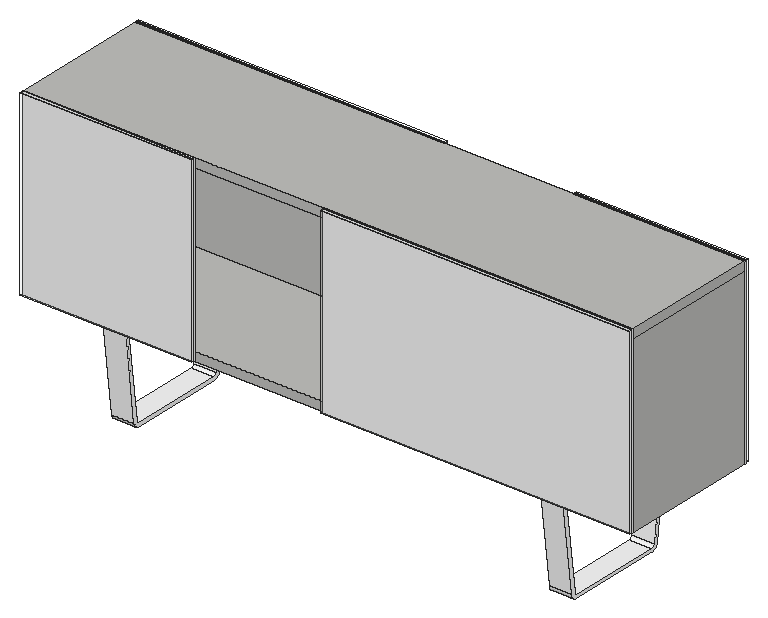
Revit family "Storage-Mounted-Teknion-JNMSO-Elevated_Slim_Cabinet_Open-R2015", category Furniture, Revit 2015
Parameters (values of type "Magnetic Glass")
  Width [instance] = 48.000"
  Warranty = "http://www.teknion.com/ca/papers/legal-canada"
  Unit Weight URL = "http://www.teknion.com/ca/tools/assets#&asset=bee6a381-b954-425e-8283-5a2de3a804f2,f828d448-4b62-4231-9e5f-9a8991c0ed77"
  URL = "www.teknion.com"
  Sustainability Data = "http://www.teknion.com/ca/tools/assets#&topic=216f99a5-57a0-44fc-b10a-9dee9b29ae4c&asset=444deb64-fe58-4b68-981e-f75e97781df7"
  Support Frame Finish [instance] = Mica - Teknion - V - Satin - Very White
  Series = "Expansion Cityline"  # constant formula
  Product Page URL = "http://www.teknion.com/ca/products/product-details?productlineid=9ad2a26e-8e7a-673b-a6c8-ff05004460c4"
  Product Line = "Expansion Cityline"  # constant formula
  Product Documentation Link = "http://www.teknion.com/pricing/expansion-cityline/pdfs/JNMSO_ppg.pdf"
  Part Number = "JNMSO"  # constant formula
  Note [instance] = "Available Widths are range from 48 to 84 inches in 6 inch increments."  # constant formula
  Model = "JNMSOMA2211"
  Manufacturer Phone = "416-661-3370"  # constant formula
  Manufacturer Fax = "416.661.4586"  # constant formula
  Manufacturer Contact Information = "http://www.teknion.com/ca/contactus"
  Manufacturer Address = "1150 Flint Road, Toronto, ON. M3J 2J5. Canada"  # constant formula
  Manufacturer = "Teknion"  # constant formula
  Height = 50.830"
  Fascia Finish [instance] = Back-painted Glass - K7 - Teknion - Very White
  Description = "Elevated Slim Cabinet - Open"  # constant formula
  Depth = 11.000"
  Case Finish [instance] = Source Laminate - Teknion - RV - Very White
  Assembly Code = "E2020200"
Reference planes (in)
  plane 1 "Center Front/Back": y = 0
  plane 2: z = 0
  plane 3 "Center Left/Right": x = 0
  plane 4 "Left": x = -24
  plane 5 "Right": x = 24
  plane 6 "Back": y = 5.5
  plane 7 "Front": y = -5.5
  plane 8 "Top": z = 50.83
  plane 9: x = -23.29921
  plane 10: y = 4.79921
  plane 11: x = -0.35039
  plane 12: x = 0.35039
  plane 13: x = 23.29921
  plane 14: y = -4.79921
  plane 15: z = 37.17079
  plane 16: z = 36.47
  plane 17: x = 18.13583
  plane 18: x = 16.36417
  plane 19: x = -18.13583
  plane 20: x = -16.36417
  plane 21: z = 50.12921
  plane 22: y = -5.85433
  plane 23: y = 5.85433
  plane 24: y = -5.6378
  plane 25: y = 5.6378
Forms (in)
  Extrusion 1, solid, material "Source Laminate - Teknion - RV - Very White" <- "Case Finish"
    sketch origin (0, 0, 0) x (1, 0, 0) y (0, 1, 0)
      loop
        line (-0.35039, -5.5) -> (24, -5.5) -> (24, 5.5) -> (23.29921, 5.5) -> (23.29921, -4.79921) -> (0.35039, -4.79921) -> (0.35039, 5.5) -> (-24, 5.5) -> (-24, -5.5) -> (-23.29921, -5.5) -> (-23.29921, 4.79921) -> (-0.35039, 4.79921) -> (-0.35039, -5.5)
    from 36.47 to 50.12921
  Extrusion 2, solid, material "Source Laminate - Teknion - RV - Very White" <- "Case Finish"
    sketch origin (0, 0, 0) x (1, 0, 0) y (0, 1, 0)
      loop
        line (-23.29921, 4.79921) -> (-23.29921, -5.5) -> (-0.35039, -5.5) -> (-0.35039, 4.79921) -> (-23.29921, 4.79921)
    from 36.47 to 37.17079
  Extrusion 3, solid, material "Source Laminate - Teknion - RV - Very White" <- "Case Finish"
    sketch origin (0, 0, 0) x (1, 0, 0) y (0, 1, 0)
      loop
        line (0.35039, 5.5) -> (0.35039, -4.79921) -> (23.29921, -4.79921) -> (23.29921, 5.5) -> (0.35039, 5.5)
    from 36.47 to 37.17079
  Extrusion 4, solid, material "Mica - Teknion - V - Satin - Very White" <- "Support Frame Finish"
    sketch origin (0, 0, 0) x (0, 1, 0) y (0, 0, 1)
      loop
        line (5.05109, 36.47) -> (-5.05109, 36.47) -> (-4.18631, 29.42697)
        arc (-4.18631, 29.42697) -> (-4.0259, 29.12206) -> (-3.70372, 29) r 0.48622
        line (-3.70372, 29) -> (3.70372, 29)
        arc (3.70372, 29) -> (4.0259, 29.12206) -> (4.18631, 29.42697) r 0.48622
        line (4.18631, 29.42697) -> (5.05109, 36.47)
      loop
        line (3.93966, 29.46953) -> (4.78471, 36.35189) -> (-4.78471, 36.35189) -> (-3.93966, 29.46953)
        arc (-3.93966, 29.46953) -> (-3.85718, 29.31276) -> (-3.69153, 29.25) r 0.25
        line (-3.69153, 29.25) -> (3.69153, 29.25)
        arc (3.69153, 29.25) -> (3.85718, 29.31276) -> (3.93966, 29.46953) r 0.25
    from 16.36417 to 18.13583
  Extrusion 5, solid, material "Mica - Teknion - V - Satin - Very White" <- "Support Frame Finish"
    sketch origin (0, 0, 0) x (0, 1, 0) y (0, 0, -1)
      loop
        line (5.05109, -36.47) -> (4.18631, -29.42697)
        arc (4.18631, -29.42697) -> (4.0259, -29.12207) -> (3.70372, -29) r 0.48622
        line (3.70372, -29) -> (-3.70372, -29)
        arc (-3.70372, -29) -> (-4.0259, -29.12207) -> (-4.18631, -29.42697) r 0.48622
        line (-4.18631, -29.42697) -> (-5.05109, -36.47) -> (5.05109, -36.47)
      loop
        arc (3.93966, -29.46954) -> (3.85718, -29.31276) -> (3.69153, -29.25) r 0.25
        line (3.69153, -29.25) -> (-3.69153, -29.25)
        arc (-3.69153, -29.25) -> (-3.85718, -29.31276) -> (-3.93966, -29.46954) r 0.25
        line (-3.93966, -29.46954) -> (-4.78471, -36.35189) -> (4.78471, -36.35189) -> (3.93966, -29.46954)
    from 16.36417 to 18.13583
  Extrusion 6, solid, material "Source Laminate - Teknion - RV - Very White" <- "Case Finish"
    sketch origin (0, 0, 50.83) x (-1, 0, 0) y (0, -1, 0)
      loop
        line (24, -5.5) -> (24, 5.5) -> (-24, 5.5) -> (-24, -5.5) -> (24, -5.5)
    from -0.70079 to 0
  Extrusion 7, solid, material "Back-painted Glass - K7 - Teknion - Very White" <- "Fascia Finish"
    sketch origin (0, 0, 0) x (1, 0, 0) y (0, 0, 1)
      loop
        line (-24, 50.83) -> (-24, 36.47) -> (-10.5, 36.47) -> (-10.5, 50.83) -> (-24, 50.83)
    from 5.6378 to 5.85433
  Extrusion 8, solid, material "Back-painted Glass - K7 - Teknion - Very White" <- "Fascia Finish"
    sketch origin (34.5, 0, 0) x (1, 0, 0) y (0, 0, 1)
      loop
        line (-34.85039, 50.83) -> (-34.85039, 36.47) -> (-10.5, 36.47) -> (-10.5, 50.83) -> (-34.85039, 50.83)
    from 5.6378 to 5.85433
  Extrusion 9, solid, material "Back-painted Glass - K7 - Teknion - Very White" <- "Fascia Finish"
    sketch origin (0, 5.5, 0) x (-1, 0, 0) y (0, 0, 1)
      loop
        line (-24, 36.47) -> (-10.5, 36.47) -> (-10.5, 50.83) -> (-24, 50.83) -> (-24, 36.47)
    from 0.1378 to 0.35433
  Extrusion 10, solid, material "Back-painted Glass - K7 - Teknion - Very White" <- "Fascia Finish"
    sketch origin (0, 5.5, 0) x (-1, 0, 0) y (0, 0, 1)
      loop
        line (-0.35039, 36.47) -> (24, 36.47) -> (24, 50.83) -> (-0.35039, 50.83) -> (-0.35039, 36.47)
    from 0.1378 to 0.35433
  Extrusion 11, solid, material "Paint-Teknion-White"
    sketch origin (0, 0.21654, 0) x (1, 0, 0) y (0, 0, 1)
      loop
        line (-24, 50.83) -> (-24, 36.47) -> (-10.5, 36.47) -> (-10.5, 50.83) -> (-24, 50.83)
    from 5.71654 to 5.85433
  Extrusion 12, solid, material "Paint-Teknion-White"
    sketch origin (34.5, 0.21654, 0) x (1, 0, 0) y (0, 0, 1)
      loop
        line (-34.85039, 50.83) -> (-34.85039, 36.47) -> (-10.5, 36.47) -> (-10.5, 50.83) -> (-34.85039, 50.83)
    from 5.71654 to 5.85433
  Extrusion 13, solid, material "Paint-Teknion-White"
    sketch origin (0, 5.03346, 0) x (-1, 0, 0) y (0, 0, 1)
      loop
        line (-0.35039, 36.47) -> (24, 36.47) -> (24, 50.83) -> (-0.35039, 50.83) -> (-0.35039, 36.47)
    from 0.46654 to 0.60433
  Extrusion 14, solid, material "Paint-Teknion-White"
    sketch origin (0, 5.03346, 0) x (-1, 0, 0) y (0, 0, 1)
      loop
        line (-24, 36.47) -> (-10.5, 36.47) -> (-10.5, 50.83) -> (-24, 50.83) -> (-24, 36.47)
    from 0.46654 to 0.60433
Lines and regions (in)
  Masking region 1
    outline origin (0, 0, 50.83) x (-1, 0, 0) y (0, -1, 0)
      loop
        line (24, -5.5) -> (24, 5.5) -> (-24, 5.5) -> (-24, -5.5) -> (24, -5.5)
  Masking region 2
    outline origin (0, 0, 50.83) x (-1, 0, 0) y (0, -1, 0)
      loop
        line (10.5, 5.60668) -> (10.5, 5.5) -> (24, 5.5) -> (24, 5.6378) -> (24, 5.85433) -> (10.5, 5.85433) -> (10.5, 5.60668)
  Masking region 3
    outline origin (0, 0, 50.83) x (-1, 0, 0) y (0, -1, 0)
      loop
        line (0.35039, 5.5) -> (0.35039, 5.85433) -> (-24, 5.85433) -> (-24, 5.5) -> (0.35039, 5.5)
  Masking region 4
    outline origin (0, 0, 50.83) x (-1, 0, 0) y (0, -1, 0)
      loop
        line (-10.5, -5.85433) -> (-10.5, -5.6285) -> (-10.5, -5.5) -> (-24, -5.5) -> (-24, -5.85433) -> (-10.5, -5.85433)
  Masking region 5
    outline origin (0, 0, 50.83) x (-1, 0, 0) y (0, -1, 0)
      loop
        line (-0.35039, -5.85433) -> (24, -5.85433) -> (24, -5.5) -> (-0.35039, -5.5) -> (-0.35039, -5.85433)
  symbolic lines, style "FurnitureHiddenLines", detail levels fine
    curve 1: line (-23.29921, -5.5, 50.83) -> (-23.29921, 4.79921, 50.83)
    curve 2: line (-23.29921, 4.79921, 50.83) -> (-0.35039, 4.79921, 50.83)
    curve 3: line (-0.35039, 4.79921, 50.83) -> (-0.35039, -5.5, 50.83)
    curve 4: line (0.35039, -4.79921, 50.83) -> (0.35039, 5.5, 50.83)
    curve 5: line (23.29921, -4.79921, 50.83) -> (0.35039, -4.79921, 50.83)
    curve 6: line (23.29921, 5.5, 50.83) -> (23.29921, -4.79921, 50.83)
  symbolic lines, style "FurnitureHiddenLines", detail levels medium+fine
    curve 7: line (-16.36417, -5.05109, 50.83) -> (-16.36417, 5.05109, 50.83)
    curve 8: line (-16.36417, 5.05109, 50.83) -> (-18.13583, 5.05109, 50.83)
    curve 9: line (-18.13583, 5.05109, 50.83) -> (-18.13583, -5.05109, 50.83)
    curve 10: line (-18.13583, -5.05109, 50.83) -> (-16.36417, -5.05109, 50.83)
    curve 11: line (16.36417, 5.05109, 50.83) -> (16.36417, -5.05109, 50.83)
    curve 12: line (16.36417, -5.05109, 50.83) -> (18.13583, -5.05109, 50.83)
    curve 13: line (18.13583, -5.05109, 50.83) -> (18.13583, 5.05109, 50.83)
    curve 14: line (18.13583, 5.05109, 50.83) -> (16.36417, 5.05109, 50.83)
  reference lines, not visible
    curve 15: line (-24, 5.85433, 0) -> (-24, -5.85433, 0)
    curve 16: line (-24, 5.85433, 0) -> (24, 5.85433, 0)
    curve 17: line (24, 5.85433, 0) -> (24, -5.85433, 0)
    curve 18: line (-24, -5.85433, 0) -> (24, -5.85433, 0)
Dimensions and locks (in)
  "Width": plane 4 "Left" to plane 5 "Right"
  "Depth": plane 6 "Back" to plane 7 "Front"
  "Height": plane 8 "Top" to level
  equal spacing: plane 4 "Left", plane 3 "Center Left/Right", plane 5 "Right"
  equal spacing: plane 6 "Back", plane 1 "Center Front/Back", plane 7 "Front"
  locked: plane 7 "Front" to plane 14 at 0.70079
  plane 11 to plane 3 "Center Left/Right" to plane 12 = 0.35039" locked, 0.35039" locked
  locked: plane 4 "Left" to plane 9 at 0.70079
  locked: plane 13 to plane 5 "Right" at 0.70079
  locked: plane 6 "Back" to plane 10 at 0.70079
  plane 8 "Top" to plane 15 to plane 16 = 13.65921" locked, 0.70079" locked
  plane 16 to Extrusion 4 sketch curve to Extrusion 4 sketch curve to Extrusion 4 sketch curve = 0.11811" locked, 7.10189" locked, 0.250" locked
  plane 16 to Extrusion 4 sketch curve to Extrusion 4 sketch curve to Extrusion 4 sketch curve to Extrusion 4 sketch curve = 6.970" locked, 0.000", 0.01378", 0.000" locked
  locked: Extrusion 4 sketch curve to Extrusion 4 sketch curve at 0.25  (x2)
  plane 18 to plane 17 to plane 5 "Right" = 1.77165" locked, 5.86417" locked
  Extrusion 5 sketch curve to Extrusion 5 sketch curve to Extrusion 5 sketch curve = 0.250" locked, 7.10189" locked
  Extrusion 5 sketch curve to Extrusion 5 sketch curve to Extrusion 5 sketch curve to Extrusion 5 sketch curve = 0.000" locked, 0.01378", 0.000"
  locked: Extrusion 5 sketch curve to Extrusion 5 sketch curve at 0.25  (x2)
  plane 20 to plane 19 to plane 4 "Left" = 1.77165" locked, 5.86417" locked
  plane 6 "Back" to Extrusion 5 sketch curve to Extrusion 5 sketch curve = 1.79628" locked, 0.01219" locked
  locked: plane 16 to Extrusion 5 sketch curve at 0.11811
  Extrusion 5 sketch curve to Extrusion 5 sketch curve to plane 7 "Front" = 0.01219" locked, 1.79628" locked
  locked: plane 8 "Top" to plane 21 at 0.70079
  locked: plane 22 to plane 7 "Front" at 0.35433
  locked: plane 23 to plane 6 "Back" at 0.35433
  locked: Extrusion 7 sketch curve to plane 4 "Left" at 13.5
  locked: Extrusion 9 sketch curve to plane 5 "Right" at 13.5
  locked: plane 24 to plane 22 at 0.21654
  locked: Extrusion 11 sketch curve to plane 4 "Left" at 13.5
  locked: plane 23 to plane 25 at 0.21654
  locked: Extrusion 14 sketch curve to plane 5 "Right" at 13.5
  aligned and locked: level to plane 2
  aligned and locked: plane 7 "Front" to Extrusion 1 sketch curve
  aligned and locked: Extrusion 1 sketch curve to plane 9
  aligned and locked: Extrusion 1 sketch curve to plane 4 "Left"
  aligned and locked: Extrusion 1 sketch curve to plane 10
  aligned and locked: Extrusion 1 sketch curve to plane 6 "Back"  (x2)
  aligned and locked: Extrusion 1 sketch curve to plane 12
  aligned and locked: Extrusion 1 sketch curve to plane 11
  aligned and locked: Extrusion 1 sketch curve to plane 14
  aligned and locked: Extrusion 1 sketch curve to plane 13
  aligned and locked: plane 5 "Right" to Extrusion 1 sketch curve
  aligned and locked: Extrusion 1 sketch curve to plane 7 "Front"
  aligned and locked: Extrusion 2 sketch curve to plane 9
  aligned and locked: Extrusion 2 sketch curve to plane 10
  aligned and locked: plane 7 "Front" to Extrusion 2 sketch curve
  aligned and locked: Extrusion 2 sketch curve to plane 11
  aligned and locked: Extrusion 3 sketch curve to plane 12
  aligned and locked: Extrusion 3 sketch curve to plane 6 "Back"
  aligned and locked: Extrusion 3 sketch curve to plane 13
  aligned and locked: Extrusion 3 sketch curve to plane 14
  aligned and locked: plane 15 to Extrusion 2
  aligned and locked: Extrusion 2 to plane 15
  aligned and locked: plane 15 to Extrusion 3
  aligned and locked: Extrusion 2 to plane 16
  aligned and locked: Extrusion 3 to plane 16
  aligned and locked: plane 16 to Extrusion 4 sketch curve
  aligned and locked: plane 17 to Extrusion 4
  aligned and locked: Extrusion 4 to plane 18
  aligned and locked: Extrusion 5 to plane 19
  aligned and locked: plane 20 to Extrusion 5
  aligned and locked: Extrusion 6 sketch curve to plane 4 "Left"
  aligned and locked: Extrusion 6 sketch curve to plane 6 "Back"
  aligned and locked: plane 5 "Right" to Extrusion 6 sketch curve
  aligned and locked: Extrusion 6 sketch curve to plane 7 "Front"
  aligned and locked: Extrusion 6 to plane 21
  aligned and locked: plane 8 "Top" to Extrusion 6
  aligned and locked: Extrusion 7 sketch curve to plane 4 "Left"
  aligned and locked: Extrusion 7 sketch curve to plane 8 "Top"
  aligned and locked: Extrusion 7 sketch curve to plane 16
  aligned and locked: Extrusion 7 to plane 22
  aligned and locked: Extrusion 8 sketch curve to plane 11
  aligned and locked: Extrusion 8 sketch curve to plane 8 "Top"
  aligned and locked: Extrusion 8 sketch curve to plane 16
  aligned and locked: plane 5 "Right" to Extrusion 9 sketch curve
  aligned and locked: Extrusion 9 sketch curve to plane 8 "Top"
  aligned and locked: Extrusion 9 sketch curve to plane 16
  aligned and locked: plane 23 to Extrusion 9
  aligned and locked: Extrusion 9 to plane 5 "Right"
  aligned and locked: Extrusion 10 sketch curve to plane 12
  aligned and locked: Extrusion 10 sketch curve to plane 8 "Top"
  aligned and locked: Extrusion 10 sketch curve to plane 4 "Left"
  aligned and locked: Extrusion 10 sketch curve to plane 16
  aligned and locked: plane 23 to Extrusion 10
  aligned and locked: plane 5 "Right" to Extrusion 8 sketch curve
  aligned and locked: Extrusion 8 to plane 22
  aligned and locked: plane 22 to Extrusion 7
  aligned and locked: Extrusion 8 to plane 11
  aligned and locked: Extrusion 8 to plane 5 "Right"
  aligned and locked: Extrusion 7 to plane 4 "Left"
  aligned and locked: plane 24 to Extrusion 7
  aligned and locked: Extrusion 11 to plane 7 "Front"
  aligned and locked: Extrusion 11 to plane 24
  aligned and locked: Extrusion 11 sketch curve to plane 4 "Left"
  aligned and locked: Extrusion 11 sketch curve to plane 8 "Top"
  aligned and locked: Extrusion 11 sketch curve to plane 16
  aligned and locked: plane 24 to Extrusion 8
  aligned and locked: Extrusion 12 to plane 24
  aligned and locked: Extrusion 12 to plane 7 "Front"
  aligned and locked: Extrusion 12 sketch curve to plane 11
  aligned and locked: Extrusion 12 sketch curve to plane 8 "Top"
  aligned and locked: plane 5 "Right" to Extrusion 12 sketch curve
  aligned and locked: Extrusion 12 sketch curve to plane 16
  aligned and locked: Extrusion 13 to plane 25
  aligned and locked: Extrusion 13 to plane 6 "Back"
  aligned and locked: plane 25 to Extrusion 10
  aligned and locked: Extrusion 13 to plane 4 "Left"
  aligned and locked: plane 12 to Extrusion 13
  aligned and locked: Extrusion 13 sketch curve to plane 4 "Left"
  aligned and locked: Extrusion 13 sketch curve to plane 8 "Top"
  aligned and locked: Extrusion 13 sketch curve to plane 16
  aligned and locked: Extrusion 13 sketch curve to plane 12
  aligned and locked: plane 25 to Extrusion 9
  aligned and locked: Extrusion 14 to plane 25
  aligned and locked: Extrusion 14 to plane 6 "Back"
  aligned and locked: plane 5 "Right" to Extrusion 14 sketch curve
  aligned and locked: Extrusion 14 sketch curve to plane 8 "Top"
  aligned and locked: Extrusion 14 sketch curve to plane 16
  aligned and locked: plane 16 to Extrusion 5 sketch curve
  aligned and locked: Masking region 1 sketch curve to plane 4 "Left"
  aligned and locked: Masking region 1 sketch curve to plane 6 "Back"
  aligned and locked: plane 5 "Right" to Masking region 1 sketch curve
  aligned and locked: Masking region 1 sketch curve to plane 7 "Front"
  aligned and locked: Extrusion 11 to Masking region 2 sketch curve
  aligned and locked: Masking region 2 sketch curve to Extrusion 7  (x2)
  aligned and locked: Masking region 2 sketch curve to plane 22
  aligned and locked: Masking region 2 sketch curve to Extrusion 11
  aligned and locked: Masking region 2 sketch curve to plane 7 "Front"
  aligned and locked: Masking region 3 sketch curve to plane 11
  aligned and locked: Masking region 3 sketch curve to plane 22
  aligned and locked: plane 7 "Front" to Masking region 3 sketch curve
  aligned and locked: plane 5 "Right" to Masking region 3 sketch curve
  aligned and locked: Masking region 4 sketch curve to Extrusion 9
  aligned and locked: Extrusion 14 to Masking region 4 sketch curve
  aligned and locked: Masking region 4 sketch curve to plane 6 "Back"
  aligned and locked: Masking region 4 sketch curve to plane 23
  aligned and locked: plane 5 "Right" to Masking region 4 sketch curve
  aligned and locked: Masking region 5 sketch curve to plane 12
  aligned and locked: Masking region 5 sketch curve to plane 23
  aligned and locked: Masking region 5 sketch curve to plane 6 "Back"
  aligned and locked: Masking region 5 sketch curve to plane 4 "Left"
  aligned and locked: curve 7 to Extrusion 5
  aligned and locked: curve 8 to Extrusion 5
  aligned and locked: curve 9 to Extrusion 5
  aligned and locked: curve 10 to Extrusion 5
  aligned and locked: curve 11 to Extrusion 4
  aligned and locked: curve 12 to Extrusion 4
  aligned and locked: curve 13 to Extrusion 4
  aligned and locked: curve 14 to Extrusion 4
  aligned and locked: plane 21 to Extrusion 1
  aligned and locked: curve 15 to plane 4 "Left"
  aligned and locked: plane 5 "Right" to curve 17
  aligned and locked: curve 18 to plane 22
  aligned and locked: curve 16 to plane 23
Automatic sketch dimensions
  Extrusion 1 sketch curve to plane 10 = 0.000"
  Extrusion 4 sketch curve to plane 14 = 0.25188"
  Extrusion 4 sketch curve to Extrusion 4 sketch curve = 0.26638"
  Extrusion 4 sketch curve to Extrusion 4 sketch curve = 0.4826"
  Extrusion 4 sketch curve to Extrusion 4 sketch curve = 0.23595"  (x2)
  Extrusion 4 sketch curve to plane 10 = 1.10769"
  Extrusion 4 sketch curve to Extrusion 4 sketch curve = 0.01219"
  Extrusion 4 sketch curve to Extrusion 4 sketch curve = 0.24665"
  Extrusion 5 sketch curve to Extrusion 5 sketch curve = 0.23595"  (x2)
  Extrusion 5 sketch curve to Extrusion 5 sketch curve = 0.24665"  (x2)
  plane 14 to Extrusion 5 sketch curve = 0.0145"
  plane 24 to Masking region 2 sketch curve = 0.03112"
  Masking region 2 sketch curve to plane 24 = 0.000"
  plane 25 to Masking region 4 sketch curve = 0.00929"
  plane 7 "Front" to curve 1 = 0.000"
  plane 7 "Front" to curve 3 = 0.000"
  curve 4 to plane 6 "Back" = 0.000"
  curve 6 to plane 6 "Back" = 0.000"
  curve 6 to plane 13 = 0.000"
  curve 4 to plane 12 = 0.000"
  curve 3 to plane 10 = 0.000"
  curve 3 to plane 11 = 0.000"
  curve 1 to plane 9 = 0.000"
  curve 4 to plane 14 = 0.000"
